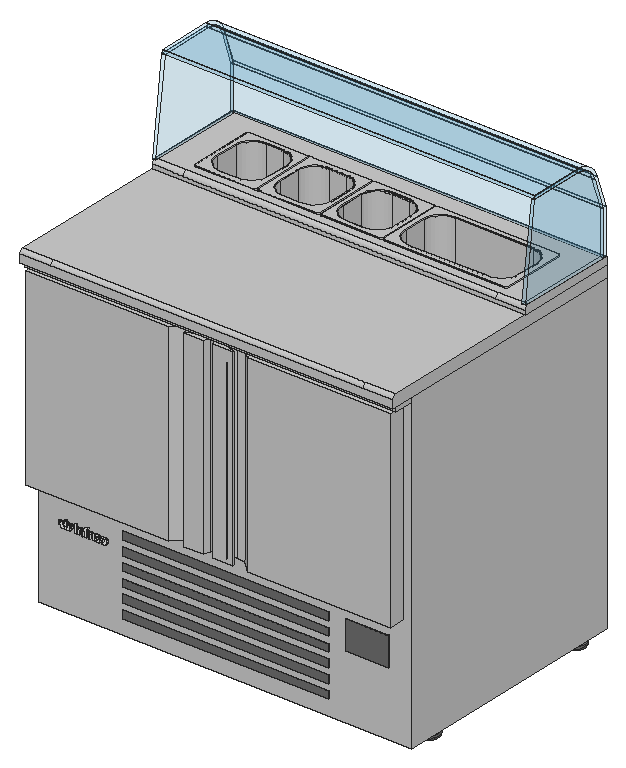
Revit family "QF_INFRICO_ME1000PIZZA_250812032201", category Specialty Equipment, Revit 2021
Family settings
  Round Connector Dimension = Use Diameter
  Part Type = Normal
  OmniClass Number = 23.40.40.14
  OmniClass Title = Food Service Equipment
  Work Plane-Based = No
  Always vertical = Yes
  Cut with Voids When Loaded = No
  Shared = No
  Room Calculation Point = No
Parameters (values of type "ME1000PIZZA-R290")
  Weight [instance] = 155.002 kg
  Waste Water Discharge Temperature [instance] = 0 °C
  Waste Remarks [instance] = ""
  Warranty Start Date [instance] = ""
  Warranty Duration [instance] = ""
  Volts [instance] = 230 V
  Volt Free Conn [instance] = no
  URL Recommended Spares List [instance] = ""
  URL Manufacturer [instance] = ""
  URL Cutsheet [instance] = ""
  URL Critical Spares List [instance] = ""
  URL = "www.infrico.com"
  Technical Documentation [instance] = ""
  Tag Number [instance] = ""
  Status [instance] = ""
  Start Up Current [instance] = 0 A
  Specification by User [instance] = ""
  Specification by Manufacturer [instance] = ""
  Sound Level [instance] = ""
  Show Logo [instance] = yes
  Show Clearances [instance] = yes
  Service Life Duration [instance] = ""
  Serial Number [instance] = ""
  Seismic Rating [instance] = ""
  SMACNA No [instance] = ""
  Revision Code [instance] = ""
  Revision [instance] = ""
  Production Year [instance] = ""
  Potential Equalisation [instance] = no
  Point Load [instance] = 0
  Plumbing Connection Type [instance] = ""
  Phase [instance] = 1
  Other Equipment Approvals [instance] = ""
  Operational Current [instance] = 0 A
  Number of Poles [instance] = 2
  No Load Power Draw [instance] = no
  NAFEM Spec ID Number [instance] = ""
  Model Warning [instance] = ""
  Model = "ME1000PIZZA"
  Min Ckt Ampacity [instance] = 0 A
  Max Overcurrent Protection [instance] = 0 A
  Masterspec [instance] = ""
  Manufacturer = "INFRICO"
  Main switch integrated [instance] = no
  Length Actual [instance] = 977.9 mm
  Item Number [instance] = ""
  Installed By [instance] = ""
  Installation Date [instance] = ""
  Indirect Waste Size [instance] = 19.05 mm
  Indirect Waste Remarks [instance] = ""
  Indirect Waste Flow [instance] = 0.0 L/s
  Indirect Waste Connection Type [instance] = ""
  Indirect Waste Connection Height [instance] = 0 mm
  Identify Quantity as Lot [instance] = no
  ID [instance] = ""
  Hygiene Approval [instance] = ""
  Height Actual [instance] = 865.124 mm
  HP power [instance] = ""
  Furnished By [instance] = ""
  Foodservice Equipment Identifier [instance] = no
  FL Amps [instance] = 0 A
  Electrical Remarks [instance] = ""
  Electric power [instance] = 420 W
  Electric Connection Type [instance] = ""
  Elec Conn RI Height [instance] = 0 mm
  Elec Conn Connection Height [instance] = 0 mm
  ETL Approved [instance] = no
  Direct Waste Water Discharge Temperature [instance] = -273.15 °C
  Direct Waste Size [instance] = 19.05 mm
  Direct Waste RI Height [instance] = 0 mm
  Direct Waste Flow [instance] = 0.0 L/s
  Direct Waste Connection Height [instance] = 0 mm
  Description = "GN1/1 SALAD PREP REFRIGERATOR TABLE 700 SERIES - R290 "
  Depth Actual [instance] = 700.024 mm
  Default Elevation = 0 mm
  Cycle [instance] = 50 Hz
  Cost = 0
  Connection to energy optimisation system [instance] = yes
  Conn Plug [instance] = ""
  Conn Conduit [instance] = no
  Centralized building control system with digital interface [instance] = ""
  CSI MasterFormat [instance] = ""
  CE Approved [instance] = no
  Barcode [instance] = 0
  Author [instance] = ""
  Asset Identifier [instance] = ""
  Apparent Power [instance] = 420 VA
  Accessory [instance] = no
Reference planes
  plane 1 "Center (Front/Back)": y = 0
  plane 2: z = 0
  plane 3 "Center (Left/Right)": x = 0
Forms (mm)
  Extrusion 1, solid, not visible
    sketch origin (487.024, -150.007, 304.015) x (1, 0, 0) y (0, 1, 0)
      loop
        line (-2, 2) -> (-2, -2) -> (2, -2) -> (2, 2) -> (-2, 2)
    from -2 to 2
  Extrusion 2, solid, not visible
    sketch origin (45.002, -152.007, 286.014) x (1, 0, 0) y (0, 1, 0)
      loop
        line (-2, 2) -> (-2, -2) -> (2, -2) -> (2, 2) -> (-2, 2)
    from -2 to 2
Dimensions and locks
  locked: nested 2 to Extrusion 1 at 2  (x2)
  locked: Extrusion 2 to nested 3
  locked: nested 3 to Extrusion 2 at 2
  aligned and locked: level to plane 2
Nested families
  nested 1: "QF_INFRICO_ME1000PIZZA_2920" at (0, 0, 0), type "ME1000PIZZA-R290"
    with Weight 155.002 kg, Warranty Start Date "", Warranty Duration "", URL Cutsheet "", Technical Documentation "", Tag Number "", Status "", Specification by User "", Specification by Manufacturer "", Sound Level "", Solid Fuel Type "", Show Logo yes, Show Clearances yes, Show Clearance yes, Service Life Duration "", Serial Number "", Seismic Rating "", SMACNA No "", Revision Code "", Revision "", Production Year "", Point Load 0, Other Equipment Approvals "", NAFEM Spec ID Number "", Model Warning "", Masterspec "", Length Actual 977.9 mm, Item Number "", Installed By "", Installation Date "", Identify Quantity as Lot yes, ID "", Hygiene Approval "", Height Actual 865.124 mm, Furnished By "", Foodservice Equipment Identifier yes, ETL Approved yes, Depth Actual 700.024 mm, CSI MasterFormat "", CE Approved no, Barcode "", Author "", Asset Identifier "", Accessory no
  nested 2: "CONN_POINT_DRAIN_2D___Generic_Annotation" at (487.024, -150.007, 302.015), type "CONN_POINT_DRAIN_2D___Generic_Annotation"
    with Onboard connection annotation symbol visibility yes
  nested 3: "CONN_POINT_ELE_2D___Generic_Annotation" at (45.002, -150.007, 286.014), type "CONN_POINT_ELE_2D___Generic_Annotation"
    with Onboard connection annotation symbol visibility yes
  nested 4: "QF_INFRICO_ME_DOOR_SX_4774" at (10, -638, 324), type "ME_DOOR_SX"
    with Weight 0.00 kg, Warranty Start Date "", Warranty Duration "", URL Cutsheet "", Technical Documentation "", Tag Number "", Status "", Specification by User "", Specification by Manufacturer "", Sound Level "", Solid Fuel Type "", Show Logo yes, Show Clearances yes, Show Clearance yes, Service Life Duration "", Serial Number "", Seismic Rating "", SMACNA No "", Revision Code "", Revision "", Production Year "", Point Load 0, Other Equipment Approvals "", NAFEM Spec ID Number "", Model Warning "", Masterspec "", Length Actual 471.932 mm, Item Number "", Installed By "", Installation Date "", Identify Quantity as Lot yes, ID "", Hygiene Approval "", Height Actual 501.904 mm, Furnished By "", Foodservice Equipment Identifier yes, ETL Approved yes, Depth Actual 56.896 mm, CSI MasterFormat "", CE Approved no, Barcode "", Author "", Asset Identifier "", Accessory yes
  nested 5: "QF_INFRICO_ME_DOOR_DX_5552" at (496, -638, 324), type "ME_DOOR_DX"
    with Weight 0.00 kg, Warranty Start Date "", Warranty Duration "", URL Cutsheet "", Technical Documentation "", Tag Number "", Status "", Specification by User "", Specification by Manufacturer "", Sound Level "", Solid Fuel Type "", Show Logo yes, Show Clearances yes, Show Clearance yes, Service Life Duration "", Serial Number "", Seismic Rating "", SMACNA No "", Revision Code "", Revision "", Production Year "", Point Load 0, Other Equipment Approvals "", NAFEM Spec ID Number "", Model Warning "", Masterspec "", Length Actual 471.932 mm, Item Number "", Installed By "", Installation Date "", Identify Quantity as Lot yes, ID "", Hygiene Approval "", Height Actual 501.904 mm, Furnished By "", Foodservice Equipment Identifier yes, ETL Approved yes, Depth Actual 56.896 mm, CSI MasterFormat "", CE Approved no, Barcode "", Author "", Asset Identifier "", Accessory yes
Connectors
  piping at (487.024, -150.007, 302.015), diameter 19.05, driven by "Indirect Waste Size", driven by "Direct Waste Flow"
    settings: on Extrusion 1, index 1, connector inside diameter 609.6 mm, connector length 0 mm, flow factor 0, pipe flow 0.0 L/s, pressure drop 0.0 Pa, fitting loss kfactor 0, connector angle 0.00°, fixture units 0, engagement length 0 mm, angle of deflection 0.00°, flow configuration 1, flow direction 2, fitting loss method 0, system type 16, joint type 0, gender type 0, connector reference index -1, connector utility 0, adjustable connector no, is connector primary yes, connector description "Waste connection for ME1000PIZZA"
  electrical at (45.002, -150.007, 286.014), driven by "Apparent Power", driven by "Number of Poles", driven by "Volts"
    settings: on Extrusion 2, index 2, voltage 230 V, apparent load 0 VA, apparent load phase1 420 VA, apparent load phase2 0 VA, apparent load phase3 0 VA, power factor 1, load classification "Other", number of poles 2, system type 31, power factor state 1, is connector primary yes, connector utility no, sub classification motor no, connector description "Electrical connection for ME1000PIZZA"
Definition of nested family "QF_INFRICO_ME1000PIZZA_2920"
  Parameters (values of type "ME1000PIZZA")
    Weight [instance] = 0.00 kg
    Warranty Start Date [instance] = ""
    Warranty Duration [instance] = ""
    URL Cutsheet [instance] = ""
    URL = "www.infrico.com"
    Technical Documentation [instance] = ""
    Tag Number [instance] = ""
    Status [instance] = ""
    Specification by User [instance] = ""
    Specification by Manufacturer [instance] = ""
    Sound Level [instance] = ""
    Solid Fuel Type [instance] = ""
    Show Logo [instance] = yes
    Show Clearances [instance] = yes
    Show Clearance [instance] = yes
    Service Life Duration [instance] = ""
    Serial Number [instance] = ""
    Seismic Rating [instance] = ""
    SMACNA No [instance] = ""
    Revision Code [instance] = ""
    Revision [instance] = ""
    Production Year [instance] = ""
    Point Load [instance] = 0
    Other Equipment Approvals [instance] = ""
    NAFEM Spec ID Number [instance] = ""
    Model Warning [instance] = ""
    Model = "ME1000PIZZA"
    Masterspec [instance] = ""
    Manufacturer = "INFRICO"
    Length Actual [instance] = 0 mm
    Item Number [instance] = ""
    Installed By [instance] = ""
    Installation Date [instance] = ""
    Identify Quantity as Lot [instance] = yes
    ID [instance] = ""
    Hygiene Approval [instance] = ""
    Height Actual [instance] = 0 mm
    Furnished By [instance] = ""
    Foodservice Equipment Identifier [instance] = yes
    ETL Approved [instance] = yes
    Description = "GN1/1 SALAD PREP REFRIGERATOR TABLE 700 SERIES - R134A"
    Depth Actual [instance] = 0 mm
    Default Elevation = 0 mm
    CSI MasterFormat [instance] = ""
    CE Approved [instance] = yes
    Barcode [instance] = ""
    Author [instance] = ""
    Asset Identifier [instance] = ""
    Assembly Code = "E1090320"
    Accessory [instance] = yes
  Types (2, lengths in mm): name | Description
    ME1000PIZZA | "GN1/1 SALAD PREP REFRIGERATOR TABLE 700 SERIES - R134A"
    ME1000PIZZA-R290 | "GN1/1 SALAD PREP REFRIGERATOR TABLE 700 SERIES - R290"
  Reference planes
    plane 1 "Back": y = 0
    plane 2: z = 0
    plane 3 "Left": x = 0
    plane 4 "Right": x = 978
    plane 5 "Front": y = -700
    plane 6 "Top": z = 844
  Forms (mm)
    Revolve 1, solid
      sketch origin (29, 0.51, 0) x (0, 1, 0) y (0, 0, 1)
        loop
          line (-65.51, 19.01) -> (-65.51, 0) -> (-45.51, 0)
          arc (-45.51, 0) -> (-41.974, 1.464) -> (-40.51, 5) r 5
          line (-40.51, 5) -> (-40.51, 10) -> (-50.51, 10) -> (-50.51, 14.5) -> (-60.51, 14.5) -> (-60.51, 19.01) -> (-65.51, 19.01)
        axis (-65.51, 19.01) -> (-65.51, 0)
      angle from 0 to 360
    Revolve 2, solid
      sketch origin (29, -479.49, 0) x (0, 1, 0) y (0, 0, 1)
        loop
          line (-65.51, 19.01) -> (-65.51, 0) -> (-45.51, 0)
          arc (-45.51, 0) -> (-41.974, 1.464) -> (-40.51, 5) r 5
          line (-40.51, 5) -> (-40.51, 10) -> (-50.51, 10) -> (-50.51, 14.5) -> (-60.51, 14.5) -> (-60.51, 19.01) -> (-65.51, 19.01)
        axis (-65.51, 19.01) -> (-65.51, 0)
      angle from 0 to 360
    Revolve 3, solid
      sketch origin (949, 0.51, 0) x (0, 1, 0) y (0, 0, 1)
        loop
          line (-65.51, 19.01) -> (-65.51, 0) -> (-45.51, 0)
          arc (-45.51, 0) -> (-41.974, 1.464) -> (-40.51, 5) r 5
          line (-40.51, 5) -> (-40.51, 10) -> (-50.51, 10) -> (-50.51, 14.5) -> (-60.51, 14.5) -> (-60.51, 19.01) -> (-65.51, 19.01)
        axis (-65.51, 19.01) -> (-65.51, 0)
      angle from 0 to 360
    Revolve 4, solid
      sketch origin (949, -479.49, 0) x (0, 1, 0) y (0, 0, 1)
        loop
          line (-65.51, 19.01) -> (-65.51, 0) -> (-45.51, 0)
          arc (-45.51, 0) -> (-41.974, 1.464) -> (-40.51, 5) r 5
          line (-40.51, 5) -> (-40.51, 10) -> (-50.51, 10) -> (-50.51, 14.5) -> (-60.51, 14.5) -> (-60.51, 19.01) -> (-65.51, 19.01)
        axis (-65.51, 19.01) -> (-65.51, 0)
      angle from 0 to 360
    Extrusion 5, solid
      sketch origin (0, 0, 0) x (0, 1, 0) y (0, 0, 1)
        loop
          line (0, 19.01) -> (0, 49.01) -> (-150, 49.01) -> (-150, 319) -> (0, 319) -> (0, 844) -> (-60.199, 844) -> (-60.199, 739.01) -> (-226.199, 739.01) -> (-226.199, 844) -> (-638, 844) -> (-638, 19.01) -> (0, 19.01)
      from 30 to 948
    Extrusion 6, solid
      sketch origin (-2000, -636.1, 0) x (1, 0, 0) y (0, 0, 1)
        loop
          line (2220, 263.01) -> (2220, 243.01) -> (2760, 243.01) -> (2760, 263.01) -> (2220, 263.01)
      from 0 to 2
    Extrusion 7, solid
      sketch origin (-2000, -636.1, -37) x (1, 0, 0) y (0, 0, 1)
        loop
          line (2220, 263.01) -> (2220, 243.01) -> (2760, 243.01) -> (2760, 263.01) -> (2220, 263.01)
      from 0 to 2
    Extrusion 8, solid
      sketch origin (-2000, -636.1, -74) x (1, 0, 0) y (0, 0, 1)
        loop
          line (2220, 263.01) -> (2220, 243.01) -> (2760, 243.01) -> (2760, 263.01) -> (2220, 263.01)
      from 0 to 2
    Extrusion 9, solid
      sketch origin (-2000, -636.1, -111) x (1, 0, 0) y (0, 0, 1)
        loop
          line (2220, 263.01) -> (2220, 243.01) -> (2760, 243.01) -> (2760, 263.01) -> (2220, 263.01)
      from 0 to 2
    Extrusion 10, solid
      sketch origin (-2000, -636.1, -148) x (1, 0, 0) y (0, 0, 1)
        loop
          line (2220, 263.01) -> (2220, 243.01) -> (2760, 243.01) -> (2760, 263.01) -> (2220, 263.01)
      from 0 to 2
    Extrusion 11, solid
      sketch origin (-2000, -636.1, -185) x (1, 0, 0) y (0, 0, 1)
        loop
          line (2220, 263.01) -> (2220, 243.01) -> (2760, 243.01) -> (2760, 263.01) -> (2220, 263.01)
      from 0 to 2
    Extrusion 12, solid
      sketch origin (-2000, -638, 0) x (1, 0, 0) y (0, 0, 1)
        loop
          line (2917.81, 187.81) -> (2917.81, 264.21) -> (2806.21, 264.21) -> (2806.21, 187.81) -> (2917.81, 187.81)
      from 0 to 2
    Extrusion 13, solid
      sketch origin (-2000, -1999.98, 0.1) x (0, 1, 0) y (0, 0, 1)
        loop
          line (1312.96, 842.41) -> (1312.96, 829.41) -> (1361.98, 829.41) -> (1361.98, 842.41) -> (1312.96, 842.41)
      from 2002 to 2976
    Extrusion 14, solid
      sketch origin (0, -140, 0) x (1, 0, 0) y (0, 0, 1)
        loop
          circle (45, 286) r 12.7
      from 0 to 10
    Extrusion 15, solid
      sketch origin (0, -140, 0) x (1, 0, 0) y (0, 0, 1)
        loop
          circle (487, 302) r 9.525
      from 0 to 10
    Extrusion 16, solid
      sketch origin (0, 0, 0) x (0, 1, 0) y (0, 0, 1)
        loop
          line (-638, 19.01) -> (0, 19.01) -> (0, 844) -> (-638, 844) -> (-638, 19.01)
      from 0 to 30
    Extrusion 17, solid
      sketch origin (978, 0, 0) x (0, 1, 0) y (0, 0, -1)
        loop
          line (-638, -19.01) -> (-638, -844) -> (0, -844) -> (0, -19.01) -> (-638, -19.01)
      from 0 to 30
    Extrusion 18, solid, visible <- "Show Logo"
      sketch origin (-1108.443, -638, -480.835) x (1, 0, 0) y (0, 0, 1)
        loop
          line (1208.799, 696.53) -> (1208.799, 719.204) -> (1204.173, 719.204) -> (1204.173, 696.53) -> (1208.799, 696.53)
        loop
          line (1214.779, 713.006) -> (1211.283, 713.006) -> (1211.283, 696.53) -> (1215.772, 696.53) -> (1215.772, 707.832)
          arc (1215.772, 707.832) -> (1217.528, 708.741) -> (1219.417, 709.324) r 11.052
          arc (1219.417, 709.324) -> (1220.929, 708.961) -> (1221.598, 707.557) r 1.806
          line (1221.598, 707.557) -> (1221.598, 696.53) -> (1226.121, 696.53) -> (1226.121, 708.689)
          arc (1226.121, 708.689) -> (1224.637, 712.075) -> (1221.141, 713.281) r 4.607
          arc (1221.141, 713.281) -> (1218.282, 712.674) -> (1215.669, 711.361) r 11.435
          line (1215.669, 711.361) -> (1215.601, 712.184)
          arc (1215.601, 712.184) -> (1215.36, 712.765) -> (1214.779, 713.006) r 0.822
        loop
          line (1238.557, 720.102) -> (1237.306, 720.102)
          arc (1237.306, 720.102) -> (1235.052, 719.926) -> (1232.881, 719.297) r 11.103
          arc (1232.881, 719.297) -> (1230.805, 717.616) -> (1230.024, 715.062) r 4.567
          line (1230.024, 715.062) -> (1230.024, 712.909) -> (1227.351, 712.703) -> (1227.351, 709.374) -> (1230.024, 709.374) -> (1230.024, 696.53) -> (1234.547, 696.53) -> (1234.547, 709.374) -> (1238.249, 709.374) -> (1238.249, 712.938) -> (1234.547, 712.938) -> (1234.547, 714.548)
          arc (1234.547, 714.548) -> (1234.956, 715.705) -> (1236.045, 716.271) r 1.67
          line (1236.045, 716.271) -> (1237.7, 716.399)
          arc (1237.7, 716.399) -> (1238.306, 716.65) -> (1238.557, 717.255) r 0.857
          line (1238.557, 717.255) -> (1238.557, 720.102)
        loop
          line (1239.479, 713.006) -> (1239.479, 696.53) -> (1243.968, 696.53) -> (1243.968, 707.352)
          arc (1243.968, 707.352) -> (1245.873, 708.631) -> (1248.077, 709.268) r 7.435
          line (1248.077, 709.268) -> (1249.241, 709.416)
          arc (1249.241, 709.416) -> (1249.643, 709.758) -> (1249.793, 710.265) r 0.928
          line (1249.793, 710.265) -> (1249.793, 712.458)
          arc (1249.793, 712.458) -> (1249.531, 713.061) -> (1248.912, 713.28) r 0.824
          arc (1248.912, 713.28) -> (1246.197, 712.588) -> (1243.899, 710.984) r 7.833
          line (1243.899, 710.984) -> (1243.726, 713.006) -> (1239.479, 713.006)
        loop
          line (1255.495, 696.53) -> (1255.495, 713.006) -> (1251.006, 713.006) -> (1251.006, 696.53) -> (1255.495, 696.53)
        loop
          arc (1257.421, 701.327) -> (1258.567, 698.188) -> (1261.466, 696.525) r 4.873
          arc (1261.466, 696.525) -> (1264.493, 696.266) -> (1267.521, 696.525) r 17.816
          arc (1267.521, 696.525) -> (1270.575, 699.134) -> (1271.505, 703.041) r 6.481
          line (1271.505, 703.041) -> (1267.187, 703.041) -> (1267.187, 701.67)
          arc (1267.187, 701.67) -> (1266.64, 700.452) -> (1265.442, 699.865) r 1.965
          arc (1265.442, 699.865) -> (1264.547, 699.816) -> (1263.653, 699.865) r 8.196
          arc (1263.653, 699.865) -> (1262.417, 700.415) -> (1261.91, 701.67) r 1.806
          line (1261.91, 701.67) -> (1261.91, 707.9)
          arc (1261.91, 707.9) -> (1262.417, 709.155) -> (1263.653, 709.705) r 1.806
          arc (1263.653, 709.705) -> (1264.547, 709.754) -> (1265.442, 709.705) r 8.196
          arc (1265.442, 709.705) -> (1266.64, 709.118) -> (1267.187, 707.9) r 1.965
          line (1267.187, 707.9) -> (1267.187, 706.838) -> (1271.505, 706.838)
          arc (1271.505, 706.838) -> (1270.524, 710.556) -> (1267.521, 712.959) r 6.132
          arc (1267.521, 712.959) -> (1264.493, 713.294) -> (1261.466, 712.959) r 13.851
          arc (1261.466, 712.959) -> (1258.571, 711.349) -> (1257.421, 708.243) r 4.772
          line (1257.421, 708.243) -> (1257.421, 701.327)
        loop
          arc (1272.916, 701.329) -> (1273.993, 698.345) -> (1276.726, 696.734) r 4.676
          arc (1276.726, 696.734) -> (1278.515, 696.455) -> (1280.318, 696.291) r 28.371
          arc (1280.318, 696.291) -> (1282.122, 696.455) -> (1283.911, 696.734) r 28.371
          arc (1283.911, 696.734) -> (1286.644, 698.345) -> (1287.72, 701.329) r 4.676
          line (1287.72, 701.329) -> (1287.72, 708.242)
          arc (1287.72, 708.242) -> (1286.644, 711.226) -> (1283.911, 712.837) r 4.676
          arc (1283.911, 712.837) -> (1282.122, 713.116) -> (1280.318, 713.28) r 28.371
          arc (1280.318, 713.28) -> (1278.515, 713.116) -> (1276.726, 712.837) r 28.371
          arc (1276.726, 712.837) -> (1273.993, 711.226) -> (1272.916, 708.242) r 4.676
          line (1272.916, 708.242) -> (1272.916, 701.329)
        loop
          line (1277.405, 707.866) -> (1277.405, 701.705)
          arc (1277.405, 701.705) -> (1277.844, 700.556) -> (1278.936, 699.991) r 1.725
          arc (1278.936, 699.991) -> (1279.627, 699.918) -> (1280.318, 699.856) r 46.133
          arc (1280.318, 699.856) -> (1281.01, 699.918) -> (1281.701, 699.991) r 46.133
          arc (1281.701, 699.991) -> (1282.793, 700.556) -> (1283.231, 701.705) r 1.725
          line (1283.231, 701.705) -> (1283.231, 707.866)
          arc (1283.231, 707.866) -> (1282.793, 709.015) -> (1281.701, 709.58) r 1.725
          arc (1281.701, 709.58) -> (1281.01, 709.653) -> (1280.318, 709.716) r 46.133
          arc (1280.318, 709.716) -> (1279.627, 709.653) -> (1278.936, 709.58) r 46.133
          arc (1278.936, 709.58) -> (1277.844, 709.015) -> (1277.405, 707.866) r 1.725
        loop
          arc (1190.339, 696.543) -> (1191.411, 696.987) -> (1191.856, 698.059) r 1.516
          line (1191.856, 698.059) -> (1191.856, 703.891) -> (1196.035, 703.891)
          arc (1196.035, 703.891) -> (1196.79, 704.121) -> (1197.218, 704.782) r 1.147
          line (1197.218, 704.782) -> (1197.218, 706.211)
          arc (1197.218, 706.211) -> (1196.787, 707.258) -> (1195.719, 707.634) r 1.385
          line (1195.719, 707.634) -> (1194.52, 707.634) -> (1197.218, 710.332)
          arc (1197.218, 710.332) -> (1197.605, 711.266) -> (1197.218, 712.2) r 1.321
          line (1197.218, 712.2) -> (1196.495, 712.923)
          arc (1196.495, 712.923) -> (1195.54, 713.338) -> (1194.558, 712.991) r 1.422
          line (1194.558, 712.991) -> (1191.853, 710.286) -> (1191.853, 711.479)
          arc (1191.853, 711.479) -> (1191.443, 712.516) -> (1190.435, 712.992) r 1.516
          line (1190.435, 712.992) -> (1189.514, 712.992)
          arc (1189.514, 712.992) -> (1188.511, 712.514) -> (1188.103, 711.479) r 1.516
          line (1188.103, 711.479) -> (1188.103, 706.83) -> (1182.073, 701.336) -> (1182.073, 707.509) -> (1185.639, 711.075)
          arc (1185.639, 711.075) -> (1186.053, 712.073) -> (1185.639, 713.071) r 1.412
          line (1185.639, 713.071) -> (1184.987, 713.723)
          arc (1184.987, 713.723) -> (1183.939, 714.141) -> (1182.915, 713.667) r 1.428
          line (1182.915, 713.667) -> (1182.073, 712.825) -> (1182.073, 717.784)
          arc (1182.073, 717.784) -> (1181.658, 718.787) -> (1180.655, 719.203) r 1.418
          line (1180.655, 719.203) -> (1179.726, 719.203)
          arc (1179.726, 719.203) -> (1178.723, 718.787) -> (1178.308, 717.784) r 1.418
          line (1178.308, 717.784) -> (1178.308, 712.825) -> (1177.466, 713.667)
          arc (1177.466, 713.667) -> (1176.442, 714.141) -> (1175.394, 713.723) r 1.428
          line (1175.394, 713.723) -> (1174.742, 713.071)
          arc (1174.742, 713.071) -> (1174.328, 712.073) -> (1174.742, 711.075) r 1.412
          line (1174.742, 711.075) -> (1178.308, 707.509) -> (1178.308, 701.336) -> (1172.278, 706.83) -> (1172.278, 711.479)
          arc (1172.278, 711.479) -> (1171.87, 712.514) -> (1170.867, 712.992) r 1.516
          line (1170.867, 712.992) -> (1169.946, 712.992)
          arc (1169.946, 712.992) -> (1168.938, 712.516) -> (1168.528, 711.479) r 1.516
          line (1168.528, 711.479) -> (1168.528, 710.286) -> (1165.823, 712.991)
          arc (1165.823, 712.991) -> (1164.841, 713.338) -> (1163.886, 712.923) r 1.422
          line (1163.886, 712.923) -> (1163.163, 712.2)
          arc (1163.163, 712.2) -> (1162.776, 711.266) -> (1163.163, 710.332) r 1.321
          line (1163.163, 710.332) -> (1165.861, 707.634) -> (1164.662, 707.634)
          arc (1164.662, 707.634) -> (1163.594, 707.258) -> (1163.163, 706.211) r 1.385
          line (1163.163, 706.211) -> (1163.163, 704.782)
          arc (1163.163, 704.782) -> (1163.591, 704.121) -> (1164.346, 703.891) r 1.147
          line (1164.346, 703.891) -> (1168.525, 703.891) -> (1168.525, 698.059)
          arc (1168.525, 698.059) -> (1168.969, 696.987) -> (1170.042, 696.543) r 1.516
          line (1170.042, 696.543) -> (1190.339, 696.543)
      from 0 to 2
    Extrusion 19, solid
      sketch origin (0, -3992.745, 104.6) x (0, 1, 0) y (0, 0, 1)
        loop
          line (3757.968, 1026.23) -> (3727.745, 789.4) -> (3983.745, 789.4) -> (3983.745, 904.633) -> (3956.063, 985.628)
          arc (3956.063, 985.628) -> (3935.49, 1014.966) -> (3901.473, 1026.23) r 57
          line (3901.473, 1026.23) -> (3757.968, 1026.23)
      from 0 to 9
    Extrusion 20, solid
      sketch origin (969, -1990.849, 104.6) x (0, 1, 0) y (0, 0, 1)
        loop
          line (1981.849, 789.4) -> (1981.849, 904.633) -> (1954.167, 985.628)
          arc (1954.167, 985.628) -> (1933.593, 1014.966) -> (1899.576, 1026.23) r 57
          line (1899.576, 1026.23) -> (1756.072, 1026.23) -> (1725.849, 789.4) -> (1981.849, 789.4)
      from 0 to 9
    Extrusion 21, solid
      sketch origin (0, 9.151, 104.6) x (0, 1, 0) y (0, 0, 1)
        loop
          line (-9.151, 789.4) -> (-9.151, 906.128) -> (-37.265, 988.385)
          arc (-37.265, 988.385) -> (-61.106, 1022.24) -> (-100.424, 1035.23) r 66
          line (-100.424, 1035.23) -> (-242.792, 1035.23) -> (-243.941, 1026.23) -> (-100.424, 1026.23)
          arc (-100.424, 1026.23) -> (-66.407, 1014.966) -> (-45.833, 985.628) r 57
          line (-45.833, 985.628) -> (-18.151, 904.633) -> (-18.151, 789.4) -> (-9.151, 789.4)
      from 0 to 978
    Sweep 22, solid
      path origin (28.229, 253.592, 999.504) x (1, 0, 0) y (0, 1, 0)
        loop
          line (62.971, -366.791) -> (62.971, -426.791)
          arc (62.971, -426.791) -> (77.03, -460.732) -> (110.971, -474.791) r 48
          line (110.971, -474.791) -> (156.971, -474.791)
          arc (156.971, -474.791) -> (190.912, -460.732) -> (204.971, -426.791) r 48
          line (204.971, -426.791) -> (204.971, -366.791)
          arc (204.971, -366.791) -> (190.912, -332.85) -> (156.971, -318.791) r 48
          line (156.971, -318.791) -> (110.971, -318.791)
          arc (110.971, -318.791) -> (77.03, -332.85) -> (62.971, -366.791) r 48
      profile origin (91.2, -143.199, 999.504) x (1, 0, 0) y (0, 0, 1)
        loop
          line (12.801, -252.7) -> (12.801, -250.7)
          arc (12.801, -250.7) -> (6.436, -248.064) -> (3.8, -241.699) r 9.001
          line (3.8, -241.699) -> (3.8, -105.504) -> (1.8, -105.504) -> (1.8, -241.699)
          arc (1.8, -241.699) -> (5.022, -249.478) -> (12.801, -252.7) r 11.001
    Extrusion 23, solid
      sketch origin (28.229, 253.592, 746.804) x (1, 0, 0) y (0, 1, 0)
        loop
          line (75.772, -366.791) -> (75.772, -426.791)
          arc (75.772, -426.791) -> (86.081, -451.68) -> (110.971, -461.99) r 35.199
          line (110.971, -461.99) -> (156.971, -461.99)
          arc (156.971, -461.99) -> (181.86, -451.68) -> (192.17, -426.791) r 35.199
          line (192.17, -426.791) -> (192.17, -366.791)
          arc (192.17, -366.791) -> (181.86, -341.901) -> (156.971, -331.592) r 35.199
          line (156.971, -331.592) -> (110.971, -331.592)
          arc (110.971, -331.592) -> (86.081, -341.901) -> (75.772, -366.791) r 35.199
      from 0 to 2
    Extrusion 24, solid
      sketch origin (-1288.741, -3236.444, 894) x (1, 0, 0) y (0, 1, 0)
        loop
          arc (1374.941, 3181.245) -> (1371.405, 3179.781) -> (1369.941, 3176.245) r 5
          line (1369.941, 3176.245) -> (1369.941, 3010.245)
          arc (1369.941, 3010.245) -> (1371.405, 3006.71) -> (1374.941, 3005.245) r 5
          line (1374.941, 3005.245) -> (1526.941, 3005.245)
          arc (1526.941, 3005.245) -> (1530.476, 3006.71) -> (1531.941, 3010.245) r 5
          line (1531.941, 3010.245) -> (1531.941, 3176.245)
          arc (1531.941, 3176.245) -> (1530.476, 3179.781) -> (1526.941, 3181.245) r 5
          line (1526.941, 3181.245) -> (1374.941, 3181.245)
        loop
          arc (1427.941, 3169.445) -> (1395.272, 3155.914) -> (1381.741, 3123.245) r 46.2
          line (1381.741, 3123.245) -> (1381.741, 3063.245)
          arc (1381.741, 3063.245) -> (1395.272, 3030.577) -> (1427.941, 3017.045) r 46.2
          line (1427.941, 3017.045) -> (1473.941, 3017.045)
          arc (1473.941, 3017.045) -> (1506.609, 3030.577) -> (1520.141, 3063.245) r 46.2
          line (1520.141, 3063.245) -> (1520.141, 3123.245)
          arc (1520.141, 3123.245) -> (1506.609, 3155.914) -> (1473.941, 3169.445) r 46.2
          line (1473.941, 3169.445) -> (1427.941, 3169.445)
      from 0 to 2
    Sweep 25, solid
      path origin (523.229, 253.592, 999.504) x (1, 0, 0) y (0, 1, 0)
        loop
          line (62.971, -366.791) -> (62.971, -426.791)
          arc (62.971, -426.791) -> (77.03, -460.732) -> (110.971, -474.791) r 48
          line (110.971, -474.791) -> (317.671, -474.791)
          arc (317.671, -474.791) -> (351.612, -460.732) -> (365.671, -426.791) r 48
          line (365.671, -426.791) -> (365.671, -366.791)
          arc (365.671, -366.791) -> (351.612, -332.85) -> (317.671, -318.791) r 48
          line (317.671, -318.791) -> (110.971, -318.791)
          arc (110.971, -318.791) -> (77.03, -332.85) -> (62.971, -366.791) r 48
      profile origin (586.2, -143.199, 999.504) x (1, 0, 0) y (0, 0, 1)
        loop
          line (12.801, -252.7) -> (12.801, -250.7)
          arc (12.801, -250.7) -> (6.436, -248.064) -> (3.8, -241.699) r 9.001
          line (3.8, -241.699) -> (3.8, -105.504) -> (1.8, -105.504) -> (1.8, -241.699)
          arc (1.8, -241.699) -> (5.022, -249.478) -> (12.801, -252.7) r 11.001
    Extrusion 26, solid
      sketch origin (523.229, 253.592, 746.804) x (1, 0, 0) y (0, 1, 0)
        loop
          line (75.772, -366.791) -> (75.772, -426.791)
          arc (75.772, -426.791) -> (86.081, -451.68) -> (110.971, -461.99) r 35.199
          line (110.971, -461.99) -> (317.671, -461.99)
          arc (317.671, -461.99) -> (342.56, -451.68) -> (352.87, -426.791) r 35.199
          line (352.87, -426.791) -> (352.87, -366.791)
          arc (352.87, -366.791) -> (342.56, -341.901) -> (317.671, -331.592) r 35.199
          line (317.671, -331.592) -> (110.971, -331.592)
          arc (110.971, -331.592) -> (86.081, -341.901) -> (75.772, -366.791) r 35.199
      from 0 to 2
    Extrusion 27, solid
      sketch origin (-793.741, -3236.444, 894) x (1, 0, 0) y (0, 1, 0)
        loop
          arc (1374.941, 3181.245) -> (1371.405, 3179.781) -> (1369.941, 3176.245) r 5
          line (1369.941, 3176.245) -> (1369.941, 3010.245)
          arc (1369.941, 3010.245) -> (1371.405, 3006.71) -> (1374.941, 3005.245) r 5
          line (1374.941, 3005.245) -> (1689.441, 3005.245)
          arc (1689.441, 3005.245) -> (1692.976, 3006.71) -> (1694.441, 3010.245) r 5
          line (1694.441, 3010.245) -> (1694.441, 3176.245)
          arc (1694.441, 3176.245) -> (1692.976, 3179.781) -> (1689.441, 3181.245) r 5
          line (1689.441, 3181.245) -> (1374.941, 3181.245)
        loop
          arc (1427.941, 3169.445) -> (1395.272, 3155.914) -> (1381.741, 3123.245) r 46.2
          line (1381.741, 3123.245) -> (1381.741, 3063.245)
          arc (1381.741, 3063.245) -> (1395.272, 3030.577) -> (1427.941, 3017.045) r 46.2
          line (1427.941, 3017.045) -> (1634.641, 3017.045)
          arc (1634.641, 3017.045) -> (1667.309, 3030.577) -> (1680.841, 3063.245) r 46.2
          line (1680.841, 3063.245) -> (1680.841, 3123.245)
          arc (1680.841, 3123.245) -> (1667.309, 3155.914) -> (1634.641, 3169.445) r 46.2
          line (1634.641, 3169.445) -> (1427.941, 3169.445)
      from 0 to 2
    Extrusion 28, solid
      sketch origin (0, -2000, 0) x (0, 1, 0) y (0, 0, 1)
        loop
          line (1300, 844) -> (1773.801, 844) -> (1773.801, 874) -> (1310, 874)
          arc (1310, 874) -> (1302.929, 871.071) -> (1300, 864) r 10
          line (1300, 864) -> (1300, 844)
        loop
          line (2000, 844) -> (2000, 874) -> (1939.801, 874) -> (1939.801, 844) -> (2000, 844)
      from 81.2 to 900.7
    Sweep 29, solid
      path origin (193.229, 253.592, 999.504) x (1, 0, 0) y (0, 1, 0)
        loop
          line (62.971, -366.791) -> (62.971, -426.791)
          arc (62.971, -426.791) -> (77.03, -460.732) -> (110.971, -474.791) r 48
          line (110.971, -474.791) -> (156.971, -474.791)
          arc (156.971, -474.791) -> (190.912, -460.732) -> (204.971, -426.791) r 48
          line (204.971, -426.791) -> (204.971, -366.791)
          arc (204.971, -366.791) -> (190.912, -332.85) -> (156.971, -318.791) r 48
          line (156.971, -318.791) -> (110.971, -318.791)
          arc (110.971, -318.791) -> (77.03, -332.85) -> (62.971, -366.791) r 48
      profile origin (256.2, -143.199, 999.504) x (1, 0, 0) y (0, 0, 1)
        loop
          line (12.801, -252.7) -> (12.801, -250.7)
          arc (12.801, -250.7) -> (6.436, -248.064) -> (3.8, -241.699) r 9.001
          line (3.8, -241.699) -> (3.8, -105.504) -> (1.8, -105.504) -> (1.8, -241.699)
          arc (1.8, -241.699) -> (5.022, -249.478) -> (12.801, -252.7) r 11.001
    Extrusion 30, solid
      sketch origin (193.229, 253.592, 746.804) x (1, 0, 0) y (0, 1, 0)
        loop
          line (75.772, -366.791) -> (75.772, -426.791)
          arc (75.772, -426.791) -> (86.081, -451.68) -> (110.971, -461.99) r 35.199
          line (110.971, -461.99) -> (156.971, -461.99)
          arc (156.971, -461.99) -> (181.86, -451.68) -> (192.17, -426.791) r 35.199
          line (192.17, -426.791) -> (192.17, -366.791)
          arc (192.17, -366.791) -> (181.86, -341.901) -> (156.971, -331.592) r 35.199
          line (156.971, -331.592) -> (110.971, -331.592)
          arc (110.971, -331.592) -> (86.081, -341.901) -> (75.772, -366.791) r 35.199
      from 0 to 2
    Extrusion 31, solid
      sketch origin (-1123.741, -3236.444, 894) x (1, 0, 0) y (0, 1, 0)
        loop
          arc (1374.941, 3181.245) -> (1371.405, 3179.781) -> (1369.941, 3176.245) r 5
          line (1369.941, 3176.245) -> (1369.941, 3010.245)
          arc (1369.941, 3010.245) -> (1371.405, 3006.71) -> (1374.941, 3005.245) r 5
          line (1374.941, 3005.245) -> (1526.941, 3005.245)
          arc (1526.941, 3005.245) -> (1530.476, 3006.71) -> (1531.941, 3010.245) r 5
          line (1531.941, 3010.245) -> (1531.941, 3176.245)
          arc (1531.941, 3176.245) -> (1530.476, 3179.781) -> (1526.941, 3181.245) r 5
          line (1526.941, 3181.245) -> (1374.941, 3181.245)
        loop
          arc (1427.941, 3169.445) -> (1395.272, 3155.914) -> (1381.741, 3123.245) r 46.2
          line (1381.741, 3123.245) -> (1381.741, 3063.245)
          arc (1381.741, 3063.245) -> (1395.272, 3030.577) -> (1427.941, 3017.045) r 46.2
          line (1427.941, 3017.045) -> (1473.941, 3017.045)
          arc (1473.941, 3017.045) -> (1506.609, 3030.577) -> (1520.141, 3063.245) r 46.2
          line (1520.141, 3063.245) -> (1520.141, 3123.245)
          arc (1520.141, 3123.245) -> (1506.609, 3155.914) -> (1473.941, 3169.445) r 46.2
          line (1473.941, 3169.445) -> (1427.941, 3169.445)
      from 0 to 2
    Sweep 32, solid
      path origin (358.229, 253.592, 999.504) x (1, 0, 0) y (0, 1, 0)
        loop
          line (62.971, -366.791) -> (62.971, -426.791)
          arc (62.971, -426.791) -> (77.03, -460.732) -> (110.971, -474.791) r 48
          line (110.971, -474.791) -> (156.971, -474.791)
          arc (156.971, -474.791) -> (190.912, -460.732) -> (204.971, -426.791) r 48
          line (204.971, -426.791) -> (204.971, -366.791)
          arc (204.971, -366.791) -> (190.912, -332.85) -> (156.971, -318.791) r 48
          line (156.971, -318.791) -> (110.971, -318.791)
          arc (110.971, -318.791) -> (77.03, -332.85) -> (62.971, -366.791) r 48
      profile origin (421.2, -143.199, 999.504) x (1, 0, 0) y (0, 0, 1)
        loop
          line (12.801, -252.7) -> (12.801, -250.7)
          arc (12.801, -250.7) -> (6.436, -248.064) -> (3.8, -241.699) r 9.001
          line (3.8, -241.699) -> (3.8, -105.504) -> (1.8, -105.504) -> (1.8, -241.699)
          arc (1.8, -241.699) -> (5.022, -249.478) -> (12.801, -252.7) r 11.001
    Extrusion 33, solid
      sketch origin (358.229, 253.592, 746.804) x (1, 0, 0) y (0, 1, 0)
        loop
          line (75.772, -366.791) -> (75.772, -426.791)
          arc (75.772, -426.791) -> (86.081, -451.68) -> (110.971, -461.99) r 35.199
          line (110.971, -461.99) -> (156.971, -461.99)
          arc (156.971, -461.99) -> (181.86, -451.68) -> (192.17, -426.791) r 35.199
          line (192.17, -426.791) -> (192.17, -366.791)
          arc (192.17, -366.791) -> (181.86, -341.901) -> (156.971, -331.592) r 35.199
          line (156.971, -331.592) -> (110.971, -331.592)
          arc (110.971, -331.592) -> (86.081, -341.901) -> (75.772, -366.791) r 35.199
      from 0 to 2
    Extrusion 34, solid
      sketch origin (-958.741, -3236.444, 894) x (1, 0, 0) y (0, 1, 0)
        loop
          arc (1374.941, 3181.245) -> (1371.405, 3179.781) -> (1369.941, 3176.245) r 5
          line (1369.941, 3176.245) -> (1369.941, 3010.245)
          arc (1369.941, 3010.245) -> (1371.405, 3006.71) -> (1374.941, 3005.245) r 5
          line (1374.941, 3005.245) -> (1526.941, 3005.245)
          arc (1526.941, 3005.245) -> (1530.476, 3006.71) -> (1531.941, 3010.245) r 5
          line (1531.941, 3010.245) -> (1531.941, 3176.245)
          arc (1531.941, 3176.245) -> (1530.476, 3179.781) -> (1526.941, 3181.245) r 5
          line (1526.941, 3181.245) -> (1374.941, 3181.245)
        loop
          arc (1427.941, 3169.445) -> (1395.272, 3155.914) -> (1381.741, 3123.245) r 46.2
          line (1381.741, 3123.245) -> (1381.741, 3063.245)
          arc (1381.741, 3063.245) -> (1395.272, 3030.577) -> (1427.941, 3017.045) r 46.2
          line (1427.941, 3017.045) -> (1473.941, 3017.045)
          arc (1473.941, 3017.045) -> (1506.609, 3030.577) -> (1520.141, 3063.245) r 46.2
          line (1520.141, 3063.245) -> (1520.141, 3123.245)
          arc (1520.141, 3123.245) -> (1506.609, 3155.914) -> (1473.941, 3169.445) r 46.2
          line (1473.941, 3169.445) -> (1427.941, 3169.445)
      from 0 to 2
    Extrusion 35, solid
      sketch origin (0, 0, 0) x (0, 1, 0) y (0, 0, 1)
        loop
          line (0, 874) -> (0, 894) -> (-60.199, 894) -> (-60.199, 874) -> (0, 874)
        loop
          line (-265, 874) -> (-226.199, 874) -> (-226.199, 894) -> (-255, 894)
          arc (-255, 894) -> (-262.071, 891.071) -> (-265, 884) r 10
          line (-265, 884) -> (-265, 874)
      from 81.2 to 900.7
    Extrusion 36, solid
      sketch origin (0, 0, 0) x (0, 1, 0) y (0, 0, 1)
        loop
          arc (-255, 894) -> (-262.071, 891.071) -> (-265, 884) r 10
          line (-265, 884) -> (-265, 874) -> (0, 874) -> (0, 894) -> (-255, 894)
      from 0 to 81.2
    Extrusion 37, solid
      sketch origin (896.8, 0, 0) x (0, 1, 0) y (0, 0, 1)
        loop
          arc (-255, 894) -> (-262.071, 891.071) -> (-265, 884) r 10
          line (-265, 884) -> (-265, 874) -> (0, 874) -> (0, 894) -> (-255, 894)
      from 3.9 to 81.2
    Extrusion 38, solid
      sketch origin (0, 0, 0) x (0, 1, 0) y (0, 0, 1)
        loop
          line (0, 844) -> (0, 874) -> (-690, 874)
          arc (-690, 874) -> (-697.071, 871.071) -> (-700, 864) r 10
          line (-700, 864) -> (-700, 844) -> (0, 844)
      from 0 to 81.2
    Extrusion 39, solid
      sketch origin (896.8, 0, 0) x (0, 1, 0) y (0, 0, 1)
        loop
          line (0, 844) -> (0, 874) -> (-690, 874)
          arc (-690, 874) -> (-697.071, 871.071) -> (-700, 864) r 10
          line (-700, 864) -> (-700, 844) -> (0, 844)
      from 3.9 to 81.2
  Cuts and joins
    joined: Extrusion 5, Extrusion 16, Extrusion 17
    joined: Extrusion 35, Extrusion 36, Extrusion 37
    joined: Extrusion 28, Extrusion 38, Extrusion 39
  Lines and regions (mm)
    symbolic lines
      curve 1: line (0, -700, 0) -> (978, -700, 0)
      curve 2: line (978, -700, 0) -> (978, 0, 0)
      curve 3: line (978, 0, 0) -> (0, 0, 0)
      curve 4: line (0, 0, 0) -> (0, -700, 0)
      curve 5: line (0, -28.113, 0) -> (978, -28.113, 0)
      curve 6: line (978, -234.789, 0) -> (0, -234.789, 0)
  Dimensions and locks
    plane 1 "Back" to plane 5 "Front" = 700 mm  (x2)
    plane 6 "Top" to level = 844 mm  (x2)
    plane 4 "Right" to plane 3 "Left" = 978 mm
    plane 3 "Left" to plane 4 "Right" = 978 mm
    aligned and locked: level to plane 2
  Connectors
    electrical at (45, -140, 286)
      settings: on Extrusion 14, index 1, voltage 0 V, apparent load 0 VA, apparent load phase1 0 VA, apparent load phase2 0 VA, apparent load phase3 0 VA, power factor 1, load classification none, number of poles 1, system type 31, power factor state 1, is connector primary yes, connector utility no, sub classification motor no, connector description "Electrical connection"
    piping at (487, -140, 302), diameter 19.1
      settings: on Extrusion 15, index 2, connector inside diameter 609.6 mm, connector length 0 mm, flow factor 0, pipe flow 0.0 L/s, pressure drop 0.0 Pa, fitting loss kfactor 0, connector angle 0.00°, fixture units 0, engagement length 0 mm, angle of deflection 0.00°, flow configuration 1, flow direction 1, fitting loss method 0, system type 16, joint type 0, gender type 0, connector reference index -1, connector utility 0, adjustable connector no, is connector primary yes, connector description "Drain connection"
Definition of nested family "QF_INFRICO_ME_DOOR_SX_4774"
  Parameters (values of type "ME_DOOR_SX")
    Weight [instance] = 0.00 kg
    Warranty Start Date [instance] = ""
    Warranty Duration [instance] = ""
    URL Cutsheet [instance] = ""
    URL = "www.infrico.com"
    Technical Documentation [instance] = ""
    Tag Number [instance] = ""
    Status [instance] = ""
    Specification by User [instance] = ""
    Specification by Manufacturer [instance] = ""
    Sound Level [instance] = ""
    Solid Fuel Type [instance] = ""
    Show Logo [instance] = yes
    Show Clearances [instance] = yes
    Show Clearance [instance] = yes
    Service Life Duration [instance] = ""
    Serial Number [instance] = ""
    Seismic Rating [instance] = ""
    SMACNA No [instance] = ""
    Revision Code [instance] = ""
    Revision [instance] = ""
    Production Year [instance] = ""
    Point Load [instance] = 0
    Other Equipment Approvals [instance] = ""
    NAFEM Spec ID Number [instance] = ""
    Model Warning [instance] = ""
    Model = "ME_DOOR_SX"
    Masterspec [instance] = ""
    Manufacturer = "INFRICO"
    Length Actual [instance] = 0 mm
    Item Number [instance] = ""
    Installed By [instance] = ""
    Installation Date [instance] = ""
    Identify Quantity as Lot [instance] = yes
    ID [instance] = ""
    Hygiene Approval [instance] = ""
    Height Actual [instance] = 0 mm
    Furnished By [instance] = ""
    Foodservice Equipment Identifier [instance] = yes
    ETL Approved [instance] = yes
    Description = "LEFT DOOR"
    Depth Actual [instance] = 0 mm
    Default Elevation = 0 mm
    CSI MasterFormat [instance] = ""
    CE Approved [instance] = yes
    Barcode [instance] = ""
    Author [instance] = ""
    Asset Identifier [instance] = ""
    Assembly Code = "E1090320"
    Accessory [instance] = yes
  Reference planes
    plane 1 "Back": y = 0
    plane 2: z = 0
    plane 3 "Left": x = 0
    plane 4 "Right": x = 472
    plane 5 "Front": y = -57
    plane 6 "Top": z = 502
  Forms (mm)
    Extrusion 1, solid
      sketch origin (2981.326, 637.02, -168.61) x (-1, 0, 0) y (0, -1, 0)
        loop
          line (2605.426, 694.02) -> (2575.356, 663.95) -> (2552.604, 663.95) -> (2541.663, 666.881)
          arc (2541.663, 666.881) -> (2540.582, 667.631) -> (2540.222, 668.896) r 1.95
          line (2540.222, 668.896) -> (2540.566, 678.741)
          arc (2540.566, 678.741) -> (2540.774, 679.563) -> (2541.304, 680.224) r 2.001
          line (2541.304, 680.224) -> (2566.566, 690.947) -> (2566.566, 694.02) -> (2514.259, 694.02) -> (2509.326, 675.612) -> (2509.326, 654.02) -> (2981.326, 654.02) -> (2981.326, 694.02) -> (2605.426, 694.02)
      from 168.61 to 670.61
    Extrusion 2, solid
      sketch origin (0, 0, 0) x (1, 0, 0) y (0, 0, 1)
        loop
          line (457, 487) -> (15, 487) -> (15, 15) -> (457, 15) -> (457, 487)
        loop
          line (45, 457) -> (45, 45) -> (427, 45) -> (427, 457) -> (45, 457)
      from 0 to 17
    Extrusion 3, solid, detail levels coarse
      sketch origin (0, 0, 0) x (1, 0, 0) y (0, 1, 0)
        loop
          line (472, -57) -> (0, -57) -> (0, -472) -> (57, -472)
          arc (57, -472) -> (350.449, -350.449) -> (472, -57) r 415
      from 0 to 502
  Lines and regions (mm)
    symbolic lines
      curve 1: line (0, -62, 0) -> (0, -472, 0)
      curve 2: line (0, -472, 0) -> (57, -472, 0)
      curve 3: arc (57, -472, 0) -> (348.676, -352.212, 0) -> (471.97, -62, 0) r 415
  Dimensions and locks
    plane 4 "Right" to plane 3 "Left" = 472 mm
    plane 6 "Top" to level = 502 mm  (x2)
    plane 1 "Back" to plane 5 "Front" = 57 mm  (x2)
    plane 3 "Left" to plane 4 "Right" = 472 mm
    aligned and locked: level to plane 2
Definition of nested family "QF_INFRICO_ME_DOOR_DX_5552"
  Parameters (values of type "ME_DOOR_DX")
    Weight [instance] = 0.00 kg
    Warranty Start Date [instance] = ""
    Warranty Duration [instance] = ""
    URL Cutsheet [instance] = ""
    URL = "www.infrico.com"
    Technical Documentation [instance] = ""
    Tag Number [instance] = ""
    Status [instance] = ""
    Specification by User [instance] = ""
    Specification by Manufacturer [instance] = ""
    Sound Level [instance] = ""
    Solid Fuel Type [instance] = ""
    Show Logo [instance] = yes
    Show Clearances [instance] = yes
    Show Clearance [instance] = yes
    Service Life Duration [instance] = ""
    Serial Number [instance] = ""
    Seismic Rating [instance] = ""
    SMACNA No [instance] = ""
    Revision Code [instance] = ""
    Revision [instance] = ""
    Production Year [instance] = ""
    Point Load [instance] = 0
    Other Equipment Approvals [instance] = ""
    NAFEM Spec ID Number [instance] = ""
    Model Warning [instance] = ""
    Model = "ME_DOOR_DX"
    Masterspec [instance] = ""
    Manufacturer = "INFRICO"
    Length Actual [instance] = 0 mm
    Item Number [instance] = ""
    Installed By [instance] = ""
    Installation Date [instance] = ""
    Identify Quantity as Lot [instance] = yes
    ID [instance] = ""
    Hygiene Approval [instance] = ""
    Height Actual [instance] = 0 mm
    Furnished By [instance] = ""
    Foodservice Equipment Identifier [instance] = yes
    ETL Approved [instance] = yes
    Description = "RIGHT DOOR"
    Depth Actual [instance] = 0 mm
    Default Elevation = 0 mm
    CSI MasterFormat [instance] = ""
    CE Approved [instance] = yes
    Barcode [instance] = ""
    Author [instance] = ""
    Asset Identifier [instance] = ""
    Assembly Code = "E1090320"
    Accessory [instance] = yes
  Reference planes
    plane 1 "Back": y = 0
    plane 2: z = 0
    plane 3 "Left": x = 0
    plane 4 "Right": x = 472
    plane 5 "Front": y = -57
    plane 6 "Top": z = 502
  Forms (mm)
    Extrusion 1, solid
      sketch origin (-2509.326, 637.02, -168.61) x (1, 0, 0) y (0, 1, 0)
        loop
          line (2605.426, -694.02) -> (2981.326, -694.02) -> (2981.326, -654.02) -> (2509.326, -654.02) -> (2509.326, -675.612) -> (2514.259, -694.02) -> (2566.566, -694.02) -> (2566.566, -690.947) -> (2541.304, -680.224)
          arc (2541.304, -680.224) -> (2540.774, -679.563) -> (2540.566, -678.741) r 2.001
          line (2540.566, -678.741) -> (2540.222, -668.896)
          arc (2540.222, -668.896) -> (2540.582, -667.631) -> (2541.663, -666.881) r 1.95
          line (2541.663, -666.881) -> (2552.604, -663.95) -> (2575.356, -663.95) -> (2605.426, -694.02)
      from 168.61 to 670.61
    Extrusion 2, solid
      sketch origin (472, 0, 0) x (-1, 0, 0) y (0, 0, -1)
        loop
          line (457, -487) -> (457, -15) -> (15, -15) -> (15, -487) -> (457, -487)
        loop
          line (45, -457) -> (427, -457) -> (427, -45) -> (45, -45) -> (45, -457)
      from 0 to 17
    Extrusion 3, solid, detail levels coarse
      sketch origin (472, 0, 0) x (-1, 0, 0) y (0, -1, 0)
        loop
          arc (472, 57) -> (350.449, 350.449) -> (57, 472) r 415
          line (57, 472) -> (0, 472) -> (0, 57) -> (472, 57)
      from 0 to 502
  Lines and regions (mm)
    symbolic lines
      curve 1: line (472, -62, 0) -> (472, -472, 0)
      curve 2: line (472, -472, 0) -> (415, -472, 0)
      curve 3: arc (415, -472, 0) -> (123.324, -352.212, 0) -> (0.03, -62, 0) r 415
  Dimensions and locks
    plane 4 "Right" to plane 3 "Left" = 472 mm
    plane 6 "Top" to level = 502 mm  (x2)
    plane 1 "Back" to plane 5 "Front" = 57 mm  (x2)
    plane 3 "Left" to plane 4 "Right" = 472 mm
    aligned and locked: level to plane 2
Definition of nested family "CONN_POINT_DRAIN_2D___Generic_Annotation"
  Parameters (values of type "CONN_POINT_DRAIN_2D___Generic_Annotation")
    Onboard connection annotation symbol visibility [instance] = yes
  Reference planes
    plane 1: y = 0
    plane 2: x = 0
  Lines and regions (mm)
    detail lines, visible <- "Onboard connection annotation symbol visibility"
      curve 1: circle (0, 0, 0) r 0.5 normal (0, 0, 1)
      curve 2: line (-1, 0, 0) -> (1, 0, 0)
      curve 3: line (0, 1, 0) -> (0, -1, 0)
      curve 4: line (1.776, 1, 0) -> (1.25, 1, 0)
      curve 5: line (1.25, 1, 0) -> (1.25, -1, 0)
      curve 6: line (1.25, -1, 0) -> (1.776, -1, 0)
      curve 7: arc (2.206, -0.862, 0) -> (2.459, -0.589, 0) -> (2.583, -0.238, 0) r 0.918
      curve 8: arc (2.583, 0.238, 0) -> (2.459, 0.589, 0) -> (2.206, 0.862, 0) r 0.918
      curve 9: arc (2.583, -0.238, 0) -> (2.599, 0, 0) -> (2.583, 0.238, 0) r 1.77
      curve 10: arc (2.206, 0.862, 0) -> (2.002, 0.965, 0) -> (1.776, 1, 0) r 0.741
      curve 11: arc (1.776, -1, 0) -> (2.002, -0.965, 0) -> (2.206, -0.862, 0) r 0.741
Definition of nested family "CONN_POINT_ELE_2D___Generic_Annotation"
  Parameters (values of type "CONN_POINT_ELE_2D___Generic_Annotation")
    Onboard connection annotation symbol visibility [instance] = yes
  Reference planes
    plane 1: y = 0
    plane 2: x = 0
  Lines and regions (mm)
    detail lines, visible <- "Onboard connection annotation symbol visibility"
      curve 1: circle (0, 0, 0) r 0.5 normal (0, 0, 1)
      curve 2: line (-1, 0, 0) -> (1, 0, 0)
      curve 3: line (0, 1, 0) -> (0, -1, 0)
      curve 4: line (2.5, 1, 0) -> (1.25, 1, 0)
      curve 5: line (1.25, 1, 0) -> (1.25, -1, 0)
      curve 6: line (1.25, -1, 0) -> (2.5, -1, 0)
      curve 7: line (1.25, 0, 0) -> (2, 0, 0)
